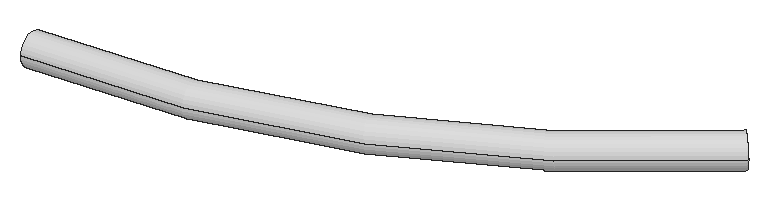
Revit family "UPEX_Curva", category Pipe Fittings, Revit 2025
Family settings
  Round Connector Dimension = Use Diameter
  Part Type = Elbow
  OmniClass Number = 23.60.30.11.14
  OmniClass Title = Pipework Fittings
  Work Plane-Based = No
  Always vertical = Yes
  Cut with Voids When Loaded = No
  Shared = No
Parameters (values of type "Branco Normal")
  Ângulo 3 [instance] = 180.00° - Verificação Ângulo  # 135.00°
  Ângulo 2 Rad [instance] = (Ângulo 2 / 180.00°) * pi()  # 0.3927
  Ângulo 2 [instance] = Ângulo / 2  # 22.50°
  Ângulo [instance] = 45.00°
  Verificação Ângulo [instance] = abs(Ângulo)  # 45.00°
  URL = "https://www.ultrapex.com.br/_files/ugd/9f3173_32d47a29bbff48b5af4781a5d529eee8.pdf"
  ULTRAPEX: Versão = "00"  # constant formula
  ULTRAPEX: Norma Técnica = "NBR 15939"  # constant formula
  ULTRAPEX: Descrição = "Tubo PEX Branco Natural - ULTRAPEX"
  ULTRAPEX: Comprimento [instance] = Comprimento Curva  # 303.379 mm
  RN [instance] = Diâmetro Nominal / 2  # 8 mm
  Material = PEX Natural
  IfcExportAs = "IfcPipeFittingType"  # constant formula
  Raio Curvatura [instance] = 10
  Manufacturer = "UltraPEX"  # constant formula
  Default Elevation = 0 mm
  Diâmetro Nominal [instance] = 16 mm
  Description = "Não Listar"
  Cota R [instance] = ((Cota 3) / 2) / sin(Ângulo 2)  # 386.274 mm
  Cota 4 [instance] = sin(Verificação Ângulo) * Cota 1  # 113.137 mm
  Cota 3 [instance] = (Cota 1 * sin(Ângulo 3)) / sin(Ângulo 2)  # 295.641 mm
  Comprimento Curva [instance] = 2 * Ângulo 2 Rad * Cota R  # 303.379 mm
  Cota 2 [instance] = cos(Verificação Ângulo) * Cota 1  # 113.137 mm
  Cota 1 [instance] = Raio Curvatura * Diâmetro Nominal  # 160 mm
  Com Mola Curvadora = no
  Alerta [instance] = if(and(not(Com Mola Curvadora), Raio Curvatura < 10), 1 = 1, if(and(Com Mola Curvadora, Raio Curvatura < 2.5), 1 = 1, 1 = 0))  # no
  ATENÇÃO [instance] = "O raio mínimo da curvatura do tubo é de 10 vezes o diâmetro exterior. Quando usados curvadores (molas) o raio pode chegar a 2,5 vezes o diamêtro, no caso de uso de gabarito e soprador de ar quente."  # constant formula
Types (8, lengths in mm): name | ULTRAPEX: Descrição | ULTRAPEX: Comprimento | Material | Raio Curvatura | Cota R | Cota 4 | Cota 3 | Comprimento Curva | Cota 2 | Cota 1 | Com Mola Curvadora
  Roxo Normal | "Tubo PEX Roxo - ULTRAPEX" | 303.379 | PEX Roxo | 10 | 386.274 | 113.137 | 295.641 | 303.379 | 113.137 | 160 | no
  Branco Normal | "Tubo PEX Branco Natural - ULTRAPEX" | 303.379 | PEX Natural | 10 | 386.274 | 113.137 | 295.641 | 303.379 | 113.137 | 160 | no
  Vermelho Normal | "Tubo PEX Vermelho - ULTRAPEX" | 303.379 | PEX Vermelho | 10 | 386.274 | 113.137 | 295.641 | 303.379 | 113.137 | 160 | no
  Azul Normal | "Tubo PEX Azul - ULTRAPEX" | 303.379 | PEX Azul | 10 | 386.274 | 113.137 | 295.641 | 303.379 | 113.137 | 160 | no
  Azul Mola Curvadora | "Tubo PEX Azul - ULTRAPEX" | 91.014 | PEX Azul | 3 | 115.882 | 33.941 | 88.692 | 91.014 | 33.941 | 48 | yes
  Branco Mola Curvadora | "Tubo PEX Branco Natural - ULTRAPEX" | 91.014 | PEX Natural | 3 | 115.882 | 33.941 | 88.692 | 91.014 | 33.941 | 48 | yes
  Roxo Mola Curvadora | "Tubo PEX Roxo - ULTRAPEX" | 91.014 | PEX Roxo | 3 | 115.882 | 33.941 | 88.692 | 91.014 | 33.941 | 48 | yes
  Vermelho Mola Curvadora | "Tubo PEX Vermelho - ULTRAPEX" | 91.014 | PEX Vermelho | 3 | 115.882 | 33.941 | 88.692 | 91.014 | 33.941 | 48 | yes
Reference planes
  plane 1 "Centro (Frente/Trás)": y = 0
  plane 2: z = 0
  plane 3 "Centro (Esquerda/Direita)": x = 0
  plane 4: x = -160
  plane 5: y = 113.137
  plane 6: x = 113.137
Forms (mm)
  Sweep 1, solid, material "PEX Natural" <- "Material", detail levels fine
    path origin (0, 0, 0) x (1, 0, 0) y (0, 1, 0)
      loop
        arc (-160, 0) -> (-12.179, 29.403) -> (113.137, 113.137) r 386.274
    profile origin (-12.179, 29.403, 0) x (-0.382683, 0.92388, 0) y (0, 0, 1)
      loop
        circle (0, 0) r 8
Lines and regions (mm)
  reference lines
    curve 1: line (0, 0, 0) -> (-160, 0, 0)
    curve 2: line (0, 0, 0) -> (113.137, 113.137, 0)
    curve 3: arc (-160, 0, 0) -> (-12.179, 29.403, 0) -> (113.137, 113.137, 0) r 386.274
  model lines, detail levels coarse+medium
    curve 4: arc (-160, 0, 0) -> (-12.179, 29.403, 0) -> (113.137, 113.137, 0) r 386.274
Dimensions and locks
  "Cota 1": curve 2 to curve 2
  "Cota 1": curve 1 to curve 1
  "Cota 2": plane 3 "Centro (Esquerda/Direita)" to plane 6
  "Cota 1": plane 4 to plane 3 "Centro (Esquerda/Direita)"
  "Cota 4": plane 5 to plane 1 "Centro (Frente/Trás)"
  "Cota R": radius of curve 3
  "RN": radius of Sweep 1 sketch curve
  "Verificação Ângulo": angle plane 1 "Centro (Frente/Trás)" to curve 2
  "Verificação Ângulo": angle curve 4 to curve 4
  aligned and locked: plane 2 to level
  aligned and locked: curve 1 to plane 1 "Centro (Frente/Trás)"
  aligned and locked: plane 6 to curve 3
  aligned and locked: Sweep 1 sketch curve to curve 3
  aligned and locked: plane 5 to Sweep 1 sketch curve
  aligned and locked: plane 4 to Sweep 1 sketch curve
  aligned and locked: curve 4 to curve 3
Automatic sketch dimensions
  level to Sweep 1 sketch curve = 0 mm
  Sweep 1 sketch curve to profile plane = 0 mm
Connectors
  piping at (113.137, 113.137, 0), diameter 16, driven by "Diâmetro Nominal", driven by "Ângulo"
    settings: on Sweep 1, index 1, connector inside diameter 609.6 mm, connector length 0 mm, flow factor 0, pipe flow 0.0 L/s, pressure drop 0.0 Pa, fitting loss kfactor 0, connector angle 45.00°, fixture units 0, engagement length 0 mm, angle of deflection 0.00°, flow configuration 0, flow direction 0, fitting loss method 0, system type 28, joint type 0, gender type 0, connector reference index 2, connector utility 0, adjustable connector no, is connector primary no, connector description ""
  piping at (-160, 0, 0), diameter 16, driven by "Diâmetro Nominal", driven by "Ângulo"
    settings: on Sweep 1, index 2, connector inside diameter 609.6 mm, connector length 0 mm, flow factor 0, pipe flow 0.0 L/s, pressure drop 0.0 Pa, fitting loss kfactor 0, connector angle 45.00°, fixture units 0, engagement length 0 mm, angle of deflection 0.00°, flow configuration 0, flow direction 0, fitting loss method 0, system type 28, joint type 0, gender type 0, connector reference index 1, connector utility 0, adjustable connector no, is connector primary yes, connector description ""
